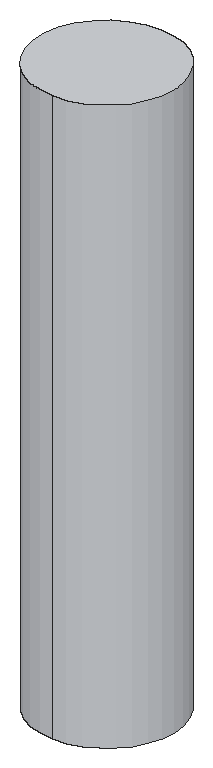
Revit family "16e1eb67ac8a405dafc10e5ca6822333", category Sprinklers, Revit 2021
Family settings
  Maintain Annotation Orientation = Yes
  Round Connector Dimension = Use Radius
  Part Type = Normal
  OmniClass Number = 23.65.70.17.11.24
  OmniClass Title = Fire Fighting Sprinkler Heads
  Seek Item ID = Sprinkler - Pendent-0000-USA-ENU
  Work Plane-Based = No
  Always vertical = Yes
  Cut with Voids When Loaded = No
  Shared = No
  Room Calculation Point = No
Parameters (values of type "1/2" Pendent")
  Temperature Rating = 135 °F
  Symbol [instance] = Sprinkler - Symbol - Pendent : Sprinkler - Symbol - Pendent
  Response = Standard
  Pressure Drop [instance] = 7.00 psi
  Pressure Class = Standard
  Overall Length = 2 3/8"
  Orifice Size = 1/2"
  Orifice = Standard
  K-Factor = 5.6
  Flow [instance] = 30 GPM
  Default Elevation = 0' - 0"
  Coverage = Standard
  Nominal Diameter = Nominal Radius * 2  # 1/2"
  Nominal Radius = 1/4"
  CEL = 1/4"
  Assembly Code = ""
Types (8): name | Symbol | Pressure Drop | Overall Length | Orifice Size | K-Factor | Flow | Nominal Diameter | Nominal Radius | CEL
  1/2" Pendent | Sprinkler - Symbol - Pendent : Sprinkler - Symbol - Pendent | 7.00 psi | 2 3/8" | 1/2" | 5.6 | 30 GPM | 1/2" | 1/4" | 1/4"
  1/2" Pendent on Drop | Sprinkler - Symbol - Pendent on Drop : Sprinkler - Symbol - Pendent on Drop | 7.00 psi | 2 3/8" | 1/2" | 5.6 | 30 GPM | 1/2" | 1/4" | 1/4"
  1/2" Pendent on Drop with Guard | Sprinkler - Symbol - Pendent on Drop with Guard : Sprinkler - Symbol - Pendent on Drop with Guard | 7.00 psi | 2 3/8" | 1/2" | 5.6 | 30 GPM | 1/2" | 1/4" | 1/4"
  1/2" Pendent with Guard | Sprinkler - Symbol - Pendent with Guard : Sprinkler - Symbol - Pendent with Guard | 7.00 psi | 2 3/8" | 1/2" | 5.6 | 30 GPM | 1/2" | 1/4" | 1/4"
  3/4" Pendent | Sprinkler - Symbol - Pendent : Sprinkler - Symbol - Pendent | 14.00 psi | 2 1/2" | 17/32" | 8 | 43 GPM | 3/4" | 3/8" | 3/8"
  3/4" Pendent on Drop | Sprinkler - Symbol - Pendent on Drop : Sprinkler - Symbol - Pendent on Drop | 14.00 psi | 2 1/2" | 17/32" | 8 | 43 GPM | 3/4" | 3/8" | 3/8"
  3/4" Pendent on Drop with Guard | Sprinkler - Symbol - Pendent on Drop with Guard : Sprinkler - Symbol - Pendent on Drop with Guard | 14.00 psi | 2 1/2" | 17/32" | 8 | 43 GPM | 3/4" | 3/8" | 3/8"
  3/4" Pendent with Guard | Sprinkler - Symbol - Pendent with Guard : Sprinkler - Symbol - Pendent with Guard | 14.00 psi | 2 1/2" | 17/32" | 8 | 43 GPM | 3/4" | 3/8" | 3/8"
Reference planes (in)
  plane 1 "Center (Front/Back)": y = 0
  plane 2: z = 0
  plane 3 "Center (Left/Right)": x = 0
  plane 4: z = -2.125
  plane 5: z = 0.25
Forms (in)
  Extrusion 1, solid
    sketch origin (0, 0, 0) x (0, -1, 0) y (1, 0, 0)
      loop
        circle (0, 0) r 0.25
    from 0 to -2.125
Dimensions and locks (in)
  "Overall Length": plane 4 to plane 5
  "CEL": level to plane 5
  "Nominal Radius": radius of Extrusion 1 sketch curve
  aligned and locked: Extrusion 1 to plane 4
  aligned and locked: Extrusion 1 to level
Automatic sketch dimensions
  Extrusion 1 sketch curve to plane 1 "Center (Front/Back)" = 0' - 0"
  Extrusion 1 sketch curve to plane 3 "Center (Left/Right)" = 0' - 0"
Nested families (in)
  nested 1: "Sprinkler - Symbol - Pendent" at (0, 0, 0), type <- "Symbol", type "Sprinkler - Symbol - Pendent"
Connectors (in)
  piping at (0, 0, 0), diameter 0.5, driven by "Flow", driven by "Pressure Drop", driven by "Nominal Radius"
    settings: on Extrusion 1, index 1, connector inside diameter 1/2", connector length 0' - 0", flow factor 0, pipe flow 30 GPM, pressure drop 7.00 psi, fitting loss kfactor 0, connector angle 0.00°, fixture units 0, engagement length 0' - 0", angle of deflection 0.00°, flow configuration 1, flow direction 1, fitting loss method 4, system type 23, joint type 0, gender type 0, connector reference index -1, connector utility 0, adjustable connector no, is connector primary yes, connector description "In"
Definition of nested family "Sprinkler - Symbol - Pendent"
  Parameters
    Symbol Radius = 0.5 * Symbol Diameter  # 0' - 0 1/16"
    Symbol Diameter = 0' - 0 1/8"
  Reference planes (in)
    plane 1: y = 0
    plane 2: x = 0
  Lines and regions (in)
    detail lines
      curve 1: circle (0, 0, 0) r 0.0625 normal (0, 0, 1)
  Dimensions and locks (in)
    "Symbol Radius": radius of curve 1
  Automatic sketch dimensions
    curve 1 to plane 1 = 0' - 0"
    curve 1 to plane 2 = 0' - 0"
